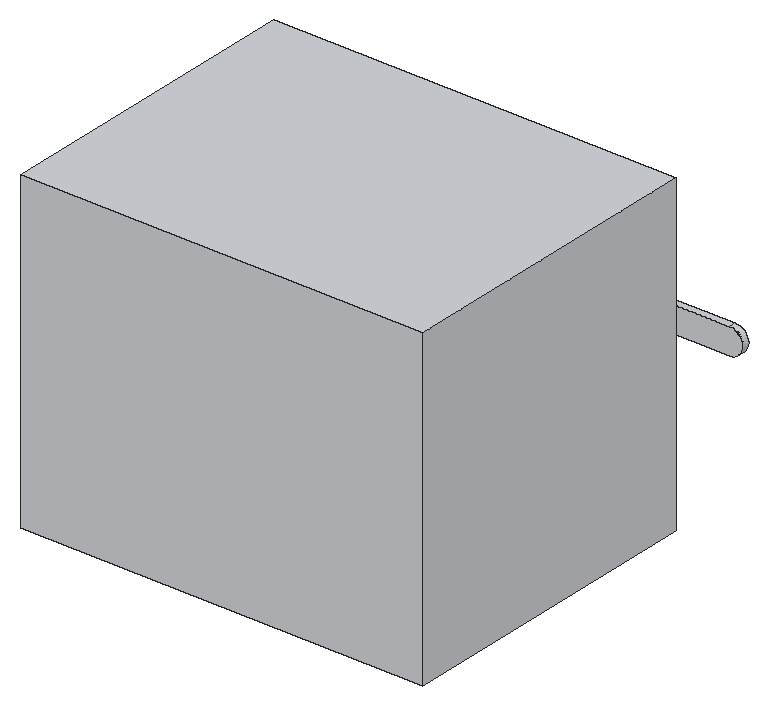
Revit family "Fire Volume Damper - Rectangular Accessory", category Duct Accessories, Revit 2025
Family settings
  Round Connector Dimension = Use Diameter
  Part Type = Damper
  OmniClass Number = 23.75.70.11.14.14
  OmniClass Title = Dampers for Air Ductwork
  Work Plane-Based = No
  Always vertical = Yes
  Cut with Voids When Loaded = No
  Shared = No
Parameters (values of type "Standard")
  Width [instance] = 12"
  Pressure Drop [instance] = 1.00 in-wg
  Height [instance] = 12"
  Default Elevation = 0"
Reference planes (in)
  plane 1 "Center (Front/Back)": y = 0
  plane 2: z = 0
  plane 3 "Center (Left/Right)": x = 0
  plane 4: x = -7.25
  plane 5: x = 8
  plane 6 "back": y = -6
  plane 7 "front": y = 6
Forms (in)
  Extrusion 1, solid
    sketch origin (0, 0, 0) x (0, 1, 0) y (0, 0, 1)
      loop
        line (-6, 6) -> (-6, -6) -> (6, -6) -> (6, 6) -> (-6, 6)
    from -7.25 to 8
  Sweep 2, solid
    path origin (0, 0, 0) x (1, 0, 0) y (0, 1, 0)
      loop
        line (4.25, 7.61894) -> (4.25, 4.11894)
    profile origin (4.25, 5.86894, 0) x (1, 0, 0) y (0, 0, 1)
      loop
        circle (0, 0) r 0.25
  Sweep 3, solid
    path origin (0, 0, 0) x (1, 0, 0) y (0, 1, 0)
      loop
        line (4.25, 7.61894) -> (4.25, 7.86894)
    profile origin (4.25, 7.74394, 0) x (-1, 0, 0) y (0, 0, 1)
      loop
        line (0, 0.5) -> (-4.51971, 0.5)
        arc (-4.51971, 0.5) -> (-5.01971, 0) -> (-4.51971, -0.5) r 0.5
        line (-4.51971, -0.5) -> (0, -0.5)
        arc (0, -0.5) -> (0.5, 0) -> (0, 0.5) r 0.5
Cuts and joins
  joined: Extrusion 1, Sweep 2
Lines and regions (in)
  symbolic lines
    curve 1: line (0, 6, 0) -> (0, -6, 0)
    curve 2: line (-7.25, 6, 0) -> (0, 0, 0)
    curve 3: line (-7.25, -6, 0) -> (0, 0, 0)
    curve 4: line (-7.25, 6, 0) -> (0, 3.5, 0)
    curve 5: line (-7.25, -6, 0) -> (0, -3.5, 0)
    curve 6: line (4.25, 6, 0) -> (4.25, -6, 0)
Dimensions and locks (in)
  equal spacing: Extrusion 1 sketch curve, plane 1 "Center (Front/Back)", Extrusion 1 sketch curve
  equal spacing: Extrusion 1 sketch curve, plane 2, Extrusion 1 sketch curve
  "Height": Extrusion 1 sketch curve to Extrusion 1 sketch curve
  "Width": Extrusion 1 sketch curve to Extrusion 1 sketch curve
  plane 4 to plane 5 = 15 1/4"
  plane 4 to plane 3 "Center (Left/Right)" = 7 1/4"
  plane 3 "Center (Left/Right)" to plane 5 = 8"
  equal spacing: plane 7 "front", plane 1 "Center (Front/Back)", plane 6 "back"
  aligned and locked: Extrusion 1 to plane 4
  aligned and locked: Extrusion 1 to plane 5
  aligned and locked: plane 7 "front" to curve 1
  aligned and locked: plane 6 "back" to curve 1
  aligned and locked: curve 1 to plane 3 "Center (Left/Right)"
  aligned and locked: Sweep 2 sketch curve to curve 6
Automatic sketch dimensions
  curve 4 to plane 4 = 0"
  curve 3 to plane 4 = 0"
  curve 6 to plane 6 "back" = 0"
  plane 7 "front" to curve 6 = 0"
  curve 5 to plane 6 "back" = 0"
  plane 1 "Center (Front/Back)" to curve 3 = 0"
  plane 7 "front" to curve 2 = 0"
  plane 5 to curve 6 = 3 3/4"
  curve 1 to curve 5 = 2 1/2"
  curve 4 to curve 1 = 2 1/2"
  plane 7 "front" to Sweep 2 sketch curve = 1.88106"
  Sweep 2 sketch curve to plane 7 "front" = 1.61894"
  Sweep 2 sketch curve to level = 0"
  profile plane to Sweep 2 sketch curve = 0"
  Sweep 3 sketch curve to plane 7 "front" = 1.86894"
  plane 5 to Sweep 3 sketch curve = 3 3/4"
  Sweep 3 sketch curve to Sweep 3 sketch curve = 1/4"
  level to Sweep 3 sketch curve = 1/2"
  profile plane to Sweep 3 sketch curve = 4.51971"
  profile plane to Sweep 3 sketch curve = 0"
  level to Sweep 3 sketch curve = 0"
  radius of Sweep 2 sketch curve = 1/4"
Connectors (in)
  hvac at (-7.25, 0, 0), driven by "Pressure Drop", driven by "Height", driven by "Width"
    settings: on Extrusion 1, index 1, duct flow 0 CFM, flow factor 0, pres drop 1.00 in-wg, loss coef 0, conn angle 0.00°, conn width 12", conn height 12", conn diameter 24", duct sys type 29, conn prof type 1, flow config 0, flow direction 0, loss method 4, conn ref index 2, conn util no, is conn primary yes, conn desc "inlet"
  hvac at (8, 0, 0), driven by "Height", driven by "Width"
    settings: on Extrusion 1, index 2, duct flow 0 CFM, flow factor 0, pres drop 0.00 in-wg, loss coef 0, conn angle 0.00°, conn width 12", conn height 12", conn diameter 24", duct sys type 29, conn prof type 1, flow config 0, flow direction 0, loss method 4, conn ref index 1, conn util no, is conn primary no, conn desc "outlet"
